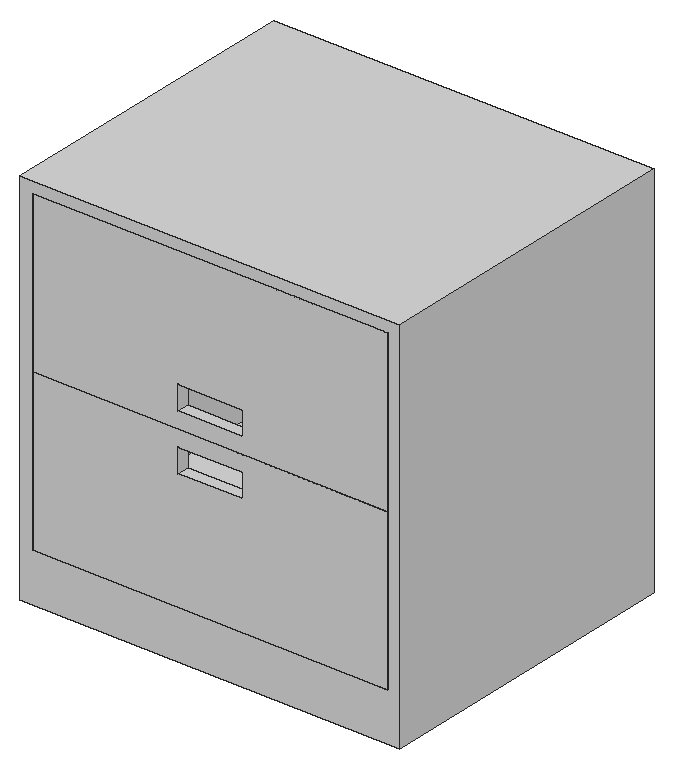
Revit family "DRAWER 60 X 60", category Furniture, Revit 2023
Family settings
  Work Plane-Based = No
  Enable Cutting in Views = No
  Always vertical = Yes
  Cut with Voids When Loaded = No
  Render Appearance Source = Family Geometry
  Shared = No
  Room Calculation Point = No
Parameters (values of type "760 x 500 x 600mm")
  Keynote = "N"
  Default Elevation = 0 mm
  Assembly Code = ""
  Depth = 500 mm
  Material = Metal - Steel
  Height = 600 mm
  Width = 600 mm
Types (2, lengths in mm): name | Width
  (no name) | 760
  760 x 500 x 600mm | 600
Reference planes
  plane 1 "Center F/B": y = -934.318
  plane 2: z = 0
  plane 3 "Center L/R": x = -180.023
  plane 4: x = -480.023
  plane 5: x = 119.977
  plane 6: y = -1184.318
  plane 7: y = -684.318
  plane 8: x = 100.927
  plane 9: x = -460.973
  plane 10: y = -703.368
  plane 11: z = 76.2
  plane 12: z = 328.575
  plane 13: z = 600
  plane 14: z = 580.95
Forms (mm)
  Extrusion 1, solid, material "Metal - Steel" <- "Material"
    sketch origin (0, 0, 0) x (1, 0, 0) y (0, 1, 0)
      loop
        line (-480.023, -684.318) -> (-480.023, -1184.318) -> (119.977, -1184.318) -> (119.977, -684.318) -> (-480.023, -684.318)
    from 0 to 600
  Extrusion 2, void
    sketch origin (-386.689, -1184.318, 919.106) x (0, 0, -1) y (1, 0, 0)
      loop
        line (338.156, -74.284) -> (842.906, -74.284) -> (842.906, 487.616) -> (338.156, 487.616) -> (338.156, -74.284)
    from 0 to -480.95
  Extrusion 3, solid, material "Metal - Steel"
    sketch origin (-480.023, -1184.318, 600) x (0, 0, -1) y (1, 0, 0)
      loop
        line (19.05, 19.05) -> (271.425, 19.05) -> (271.425, 580.95) -> (19.05, 580.95) -> (19.05, 19.05)
    from 0 to -19.05
  Extrusion 4, solid, material "Metal - Steel"
    sketch origin (-480.023, -1184.318, 600) x (0, 0, -1) y (1, 0, 0)
      loop
        line (271.425, 19.05) -> (523.8, 19.05) -> (523.8, 580.95) -> (271.425, 580.95) -> (271.425, 19.05)
    from 0 to -19.05
  Extrusion 5, void
    sketch origin (-480.023, -1184.318, 600) x (0, 0, -1) y (1, 0, 0)
      loop
        line (296.825, 249.2) -> (334.925, 249.2) -> (334.925, 350.8) -> (296.825, 350.8) -> (296.825, 249.2)
    from 0 to -19.05
  Extrusion 6, void
    sketch origin (-480.023, -1184.318, 600) x (0, 0, -1) y (1, 0, 0)
      loop
        line (207.925, 249.2) -> (246.025, 249.2) -> (246.025, 350.8) -> (207.925, 350.8) -> (207.925, 249.2)
    from 0 to -19.05
Cuts and joins
  Extrusion 2, Extrusion 5, Extrusion 6 cuts Extrusion 1
  Extrusion 5, Extrusion 6 cuts Extrusion 3
  Extrusion 5, Extrusion 6 cuts Extrusion 4
Lines and regions (mm)
  Masking region 1
    outline origin (0, 0, 0) x (1, 0, 0) y (0, 1, 0)
      loop
        line (-480.023, -684.318) -> (-480.023, -1184.318) -> (119.977, -1184.318) -> (119.977, -684.318) -> (-480.023, -684.318)
  symbolic lines
    curve 1: line (119.977, -684.318, 0) -> (-480.023, -684.318, 0)
    curve 2: line (119.977, -1184.318, 0) -> (119.977, -684.318, 0)
    curve 3: line (-480.023, -1184.318, 0) -> (119.977, -1184.318, 0)
    curve 4: line (-480.023, -684.318, 0) -> (-480.023, -1184.318, 0)
Dimensions and locks
  equal spacing: plane 4, plane 3 "Center L/R", plane 5
  equal spacing: plane 6, plane 1 "Center F/B", plane 7
  "Depth": plane 6 to plane 7
  "Width": plane 4 to plane 5
  locked: plane 10 to plane 7 at 19.05
  "Height": plane 13 to plane 2
  locked: plane 11 to plane 2 at 76.2
  locked: plane 13 to plane 14 at 19.05
  plane 4 to plane 9 = 19.05 mm
  plane 8 to plane 5 = 19.05 mm
  equal spacing: plane 9, plane 3 "Center L/R", plane 8
  equal spacing: plane 14, plane 12, plane 11
  aligned and locked: Extrusion 2 to plane 10
  aligned and locked: plane 13 to Extrusion 1
  aligned and locked: Extrusion 1 to plane 2
  aligned and locked: plane 14 to Extrusion 2
  aligned and locked: Extrusion 2 sketch curve to plane 11
  aligned and locked: plane 14 to cut or joined group of Extrusion 3, Extrusion 5, Extrusion 6
  aligned and locked: curve 1 to cut or joined group of Extrusion 1, Extrusion 2, Extrusion 5, Extrusion 6
  aligned and locked: curve 2 to cut or joined group of Extrusion 1, Extrusion 2, Extrusion 5, Extrusion 6
  aligned and locked: curve 3 to cut or joined group of Extrusion 1, Extrusion 2, Extrusion 5, Extrusion 6
  aligned and locked: curve 4 to cut or joined group of Extrusion 1, Extrusion 2, Extrusion 5, Extrusion 6
  aligned: plane 4 to Masking region 1 sketch curve
  aligned: plane 7 to Masking region 1 sketch curve
  aligned: plane 6 to Masking region 1 sketch curve
  aligned: plane 5 to Masking region 1 sketch curve
Automatic sketch dimensions
  Extrusion 2 sketch curve to plane 8 = 0 mm
  Extrusion 2 sketch curve to plane 14 = 0 mm
  Extrusion 2 sketch curve to plane 9 = 0 mm
  Extrusion 3 sketch curve to plane 9 = 0 mm
  Extrusion 3 sketch curve to plane 8 = 0 mm
  Extrusion 6 sketch curve to plane 3 "Center L/R" = 50.8 mm
  plane 3 "Center L/R" to Extrusion 6 sketch curve = 50.8 mm
  Masking region 1 sketch curve to plane 4 = 0 mm
  Masking region 1 sketch curve to plane 5 = 0 mm
  Masking region 1 sketch curve to plane 6 = 0 mm
  Masking region 1 sketch curve to plane 7 = 0 mm
